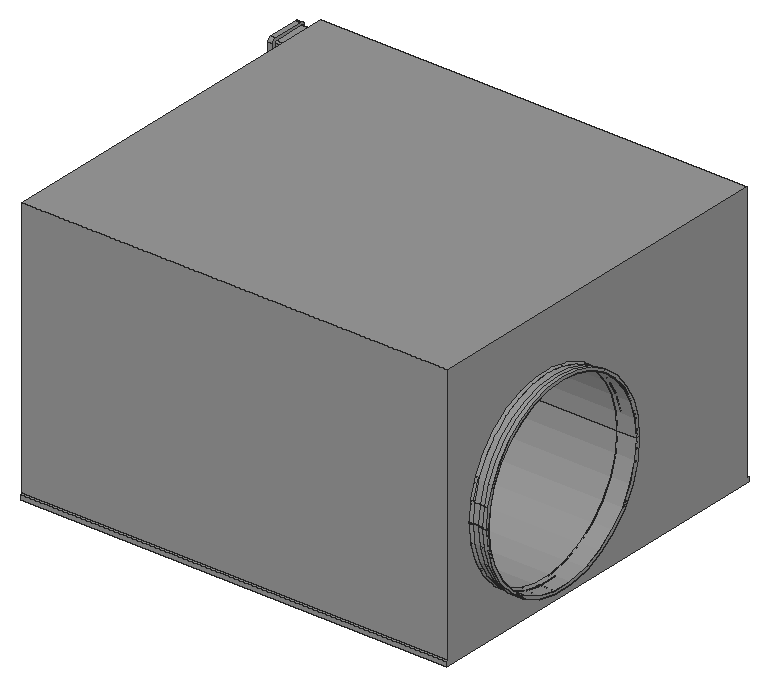
Revit family "IRB 400 B1 EC_7890054", category Mechanical Equipment, Revit 2014
Parameters (values of type "IRB 400 B1 EC")
  Wiring diagram = "4040145"
  Width = 995 mm
  Weight = 60.70 kg
  Voltage range = "200-277 V"
  Voltage = 230 V
  Speed = "1420rpm"
  Sound pressure level at 3 m = "57 dB(A)"
  Power = 646 W
  Phase = 1
  Max. temperature of transported air when speed controlled = 60 °C
  Max. temperature of transported air = 60 °C
  Main Material = Steel, Galvanized
  Height = 808 mm
  Frequency = 50 Hz
  Elevation [instance] = 2600 mm
  Diameter = 400 mm
  Description = "Insulated duct fans with circular connections"
  Depth = 567 mm
  Current = 2.98 A
  Capacitor = "- µF"
Reference planes
  plane 1 "Center (Front/Back)": y = 0
  plane 2: z = 0
  plane 3 "Center (Left/Right)": x = 0
  plane 4: z = 2600
Dimensions and locks
  "Elevation": plane 4 to plane 2
  aligned and locked: level to plane 2
  aligned and locked: plane 3 "Center (Left/Right)" to nested 1
  aligned and locked: plane 1 "Center (Front/Back)" to nested 1
  aligned and locked: nested 1 to nested 2  (x2)
  aligned and locked: nested 1 to plane 4
Nested families
  nested 1: "IRB" at (0, 0, 2600), type "IRB"
  nested 2: "Flow direction symbol" at (0, 0, 0), type "Flow direction symbol"
Connectors
  electrical at (-497.5, 352.5, 3115.5), driven by "Phase", driven by "Voltage", driven by "Power"
    settings: on nested 1, index 1, voltage 230 V, apparent load 0 VA, apparent load phase1 646 VA, apparent load phase2 0 VA, apparent load phase3 0 VA, power factor 1, load classification "Other", number of poles 1, system type 31, power factor state 1, is connector primary yes, connector utility no, sub classification motor no, connector description ""
  hvac at (-497.5, -144.5, 2851.995), driven by "Diameter"
    settings: on nested 1, index 4, duct flow 0.0 L/s, flow factor 0, pres drop 0.0 Pa, loss coef 0, conn angle 0.00°, conn width 304.8 mm, conn height 304.8 mm, conn diameter 400 mm, duct sys type 1, conn prof type 0, flow config 0, flow direction 1, loss method 0, conn ref index -1, conn util no, is conn primary yes, conn desc ""
  hvac at (497.5, -144.5, 2851.995), driven by "Diameter"
    settings: on nested 1, index 5, duct flow 0.0 L/s, flow factor 0, pres drop 0.0 Pa, loss coef 0, conn angle 0.00°, conn width 304.8 mm, conn height 304.8 mm, conn diameter 400 mm, duct sys type 3, conn prof type 0, flow config 0, flow direction 2, loss method 0, conn ref index -1, conn util no, is conn primary no, conn desc ""
Definition of nested family "IRB"
  Parameters (values of type "IRB")
    Width = 995 mm
    Main Material = Steel, Galvanized
    Height = 808 mm
    Description = ""
    Depth = 567 mm
  Reference planes
    plane 1 "Center (Front/Back)": y = 0
    plane 2: z = 0
    plane 3 "Center (Left/Right)": x = 0
    plane 4: z = 567
    plane 5 "Horizontal Pipe Axis": z = 316
    plane 6: z = 10
    plane 7: z = 557
    plane 8: x = -456
    plane 9: x = 456
    plane 10: x = -497.5
    plane 11: x = 497.5
    plane 12: y = 404
    plane 13: y = -404
    plane 14: y = 394
    plane 15: x = -487.5
    plane 16: y = -144
  Forms (mm)
    Extrusion 1, solid, material "Steel, Galvanized" <- "Main Material", detail levels medium+fine
      sketch origin (0, 0, 0) x (0, 1, 0) y (0, 0, 1)
        loop
          line (-404, 0) -> (404, 0) -> (404, 10) -> (399, 10) -> (399, 11) -> (399, 567) -> (-399, 567) -> (-399, 10) -> (-404, 10) -> (-404, 0)
      from -456 to 456
    Extrusion 2, void
      sketch origin (0, 64.5, -65.499) x (0, 1, 0) y (0, 0, 1)
        loop
          circle (-209.5, 316.497) r 199
      from -809.837 to 500.936
    Extrusion 3, solid, material "Steel, Galvanized" <- "Main Material", detail levels coarse
      sketch origin (0, 66, -63.157) x (0, 1, 0) y (0, 0, -1)
        loop
          circle (-208.916, -314.143) r 199
      from 456 to 497.5
    Extrusion 4, solid, material "Steel, Galvanized" <- "Main Material", detail levels coarse
      sketch origin (0, 0, 0) x (0, 1, 0) y (0, 0, 1)
        loop
          line (404, 567) -> (-404, 567) -> (-404, 0) -> (404, 0) -> (404, 567)
      from -456 to 456
    Sweep 5, solid, material "Plastic, Opaque White", detail levels fine
      path origin (0, 0, 0) x (1, 0, 0) y (0, 1, 0)
        loop
          line (-487.5, 394) -> (-497.5, 394)
      profile origin (-492.5, 394, 0) x (0, -1, 0) y (0, 0, 1)
        loop
          arc (8.073, 557) -> (2.365, 554.635) -> (0, 548.927) r 8.073
          line (0, 548.927) -> (0, 482.073)
          arc (0, 482.073) -> (2.365, 476.365) -> (8.073, 474) r 8.073
          line (8.073, 474) -> (74.927, 474)
          arc (74.927, 474) -> (80.635, 476.365) -> (83, 482.073) r 8.073
          line (83, 482.073) -> (83, 548.927)
          arc (83, 548.927) -> (80.635, 554.635) -> (74.927, 557) r 8.073
          line (74.927, 557) -> (8.073, 557)
    Sweep 6, solid, material "Plastic, Opaque White", detail levels fine
      path origin (0, 0, 0) x (1, 0, 0) y (0, 1, 0)
        loop
          line (-487.5, 352.5) -> (-456, 352.5)
      profile origin (-471.75, 352.5, 0) x (0, 1, 0) y (0, 0, 1)
        loop
          line (33.427, 552) -> (-33.427, 552)
          arc (-33.427, 552) -> (-35.6, 551.1) -> (-36.5, 548.927) r 3.073
          line (-36.5, 548.927) -> (-36.5, 482.073)
          arc (-36.5, 482.073) -> (-35.6, 479.9) -> (-33.427, 479) r 3.073
          line (-33.427, 479) -> (33.427, 479)
          arc (33.427, 479) -> (35.6, 479.9) -> (36.5, 482.073) r 3.073
          line (36.5, 482.073) -> (36.5, 548.927)
          arc (36.5, 548.927) -> (35.6, 551.1) -> (33.427, 552) r 3.073
    Extrusion 7, solid, material "Steel, Galvanized" <- "Main Material", detail levels coarse
      sketch origin (0, 66, -63.157) x (0, 1, 0) y (0, 0, 1)
        loop
          circle (-208.916, 314.143) r 199
      from 456 to 497.5
    Extrusion 8, void, detail levels medium+fine
      sketch origin (0, 64.5, -25.499) x (0, 1, 0) y (0, 0, 1)
        loop
          circle (-209.5, 277.499) r 198
      from -809.837 to 500.936
    Extrusion 9, solid, material "Steel, Galvanized" <- "Main Material", detail levels coarse
      sketch origin (0, 66, -23.157) x (0, 1, 0) y (0, 0, -1)
        loop
          circle (-208.916, -277.262) r 198
      from 456 to 497.5
    Revolve 10, solid, material "Steel, Galvanized" <- "Main Material", detail levels medium+fine
      sketch origin (0, 34.5, 252) x (-1, 0, 0) y (0, -1, 0)
        loop
          line (497.5, -25.5) -> (497.5, 178.5) -> (456, 178.5) -> (456, -21.5)
          arc (456, -21.5) -> (460.25, -23.5) -> (464.5, -21.5) r 5.516
          line (464.5, -21.5) -> (479.5, -21.5) -> (479.5, -23.5) -> (489.5, -23.5) -> (489.5, -25.5) -> (497.5, -25.5)
        axis (456, 178.5) -> (497.5, 178.5)
      angle from 0 to 360
    Revolve 11, solid, material "Steel, Galvanized" <- "Main Material", detail levels medium+fine
      sketch origin (0, 0, 252) x (1, 0, 0) y (0, 1, 0)
        loop
          line (497.5, 60) -> (489.5, 60) -> (489.5, 58) -> (479.5, 58) -> (479.5, 56) -> (464.5, 56)
          arc (464.5, 56) -> (460.25, 58) -> (456, 56) r 5.516
          line (456, 56) -> (456, -144) -> (497.5, -144) -> (497.5, 60)
        axis (456, -144) -> (497.5, -144)
      angle from 0 to 360
    Extrusion 12, solid, material "Steel, Galvanized" <- "Main Material", detail levels coarse
      sketch origin (0, 66, -23.157) x (0, 1, 0) y (0, 0, 1)
        loop
          circle (-208.916, 277.262) r 198
      from 456 to 497.5
    Extrusion 13, void
      sketch origin (0, 64.5, -26.502) x (0, 1, 0) y (0, 0, 1)
        loop
          circle (-209.5, 277.499) r 199
      from -809.837 to 500.936
    Revolve 14, solid, material "Steel, Galvanized" <- "Main Material", detail levels medium+fine
      sketch origin (0, 34.5, 250.997) x (-1, 0, 0) y (0, -1, 0)
        loop
          line (497.5, -25.5) -> (497.5, 178.5) -> (456, 178.5) -> (456, -21.5)
          arc (456, -21.5) -> (460.25, -23.5) -> (464.5, -21.5) r 5.516
          line (464.5, -21.5) -> (479.5, -21.5) -> (479.5, -23.5) -> (489.5, -23.5) -> (489.5, -25.5) -> (497.5, -25.5)
        axis (456, 178.5) -> (497.5, 178.5)
      angle from 0 to 360
    Revolve 15, solid, material "Steel, Galvanized" <- "Main Material", detail levels medium+fine
      sketch origin (0, 0, 250.997) x (1, 0, 0) y (0, 1, 0)
        loop
          line (497.5, 60) -> (489.5, 60) -> (489.5, 58) -> (479.5, 58) -> (479.5, 56) -> (464.5, 56)
          arc (464.5, 56) -> (460.25, 58) -> (456, 56) r 5.516
          line (456, 56) -> (456, -144) -> (497.5, -144) -> (497.5, 60)
        axis (456, -144) -> (497.5, -144)
      angle from 0 to 360
    Extrusion 16, void
      sketch origin (0, 64.5, -25.504) x (0, 1, 0) y (0, 0, 1)
        loop
          circle (-209.5, 277.499) r 199
      from -809.837 to 500.936
    Revolve 17, solid, material "Steel, Galvanized" <- "Main Material", detail levels medium+fine
      sketch origin (0, 34.5, 251.995) x (-1, 0, 0) y (0, -1, 0)
        loop
          line (497.5, -25.5) -> (497.5, 178.5) -> (456, 178.5) -> (456, -21.5)
          arc (456, -21.5) -> (460.25, -23.5) -> (464.5, -21.5) r 5.516
          line (464.5, -21.5) -> (479.5, -21.5) -> (479.5, -23.5) -> (489.5, -23.5) -> (489.5, -25.5) -> (497.5, -25.5)
        axis (456, 178.5) -> (497.5, 178.5)
      angle from 0 to 360
    Revolve 18, solid, material "Steel, Galvanized" <- "Main Material", detail levels medium+fine
      sketch origin (0, 0, 251.995) x (1, 0, 0) y (0, 1, 0)
        loop
          line (497.5, 60) -> (489.5, 60) -> (489.5, 58) -> (479.5, 58) -> (479.5, 56) -> (464.5, 56)
          arc (464.5, 56) -> (460.25, 58) -> (456, 56) r 5.516
          line (456, 56) -> (456, -144) -> (497.5, -144) -> (497.5, 60)
        axis (456, -144) -> (497.5, -144)
      angle from 0 to 360
  Cuts and joins
    Extrusion 2 cuts Extrusion 1
    joined: Sweep 5, Sweep 6
    Extrusion 8 cuts Extrusion 4
    Extrusion 8 cuts Revolve 10
    Extrusion 8 cuts Revolve 11
    Extrusion 13 cuts Revolve 14
    Extrusion 13 cuts Revolve 15
    Extrusion 16 cuts Revolve 17
    Extrusion 16 cuts Revolve 18
  Dimensions and locks
    equal spacing: plane 10, plane 3 "Center (Left/Right)", plane 11
    "Width": plane 10 to plane 11
    "Depth": plane 4 to level
    locked: plane 12 to plane 14 at 10
    locked: plane 4 to plane 7 at 10
    locked: plane 10 to plane 15 at 10
    locked: plane 10 to plane 8 at 41.5
    locked: plane 9 to plane 11 at 41.5
    locked: Sweep 6 sketch curve to plane 7 at 5
    locked: plane 14 to Sweep 6 sketch curve at 5
    plane 4 to plane 5 "Horizontal Pipe Axis" = 251 mm
    equal spacing: plane 12, plane 1 "Center (Front/Back)", plane 13
    "Height": plane 12 to plane 13
    aligned and locked: level to plane 2
    aligned and locked: Extrusion 1 sketch curve to plane 13
    aligned and locked: plane 2 to Extrusion 1 sketch curve
    aligned and locked: Extrusion 1 sketch curve to plane 12
    aligned and locked: Extrusion 1 to plane 9
    aligned and locked: Extrusion 1 to plane 8
    aligned and locked: Extrusion 3 to plane 10
    aligned and locked: plane 8 to Extrusion 3
    aligned and locked: Extrusion 3 to plane 8
    aligned and locked: plane 4 to Extrusion 4 sketch curve
    aligned and locked: plane 12 to Extrusion 4 sketch curve
    aligned and locked: Extrusion 4 to plane 8
    aligned and locked: Extrusion 4 to plane 9
    aligned and locked: plane 10 to Sweep 5 sketch curve
    aligned and locked: plane 15 to Sweep 5 sketch curve
    aligned and locked: Sweep 5 sketch curve to plane 7
    aligned and locked: Sweep 5 sketch curve to plane 14
    aligned and locked: plane 8 to Sweep 6 sketch curve
    aligned and locked: plane 15 to Sweep 6 sketch curve
  Automatic sketch dimensions
    Extrusion 1 sketch curve to plane 4 = 0 mm
    Extrusion 1 sketch curve to plane 6 = 0 mm  (x2)
    Extrusion 1 sketch curve to plane 13 = 5 mm
    Extrusion 1 sketch curve to plane 12 = 5 mm
    Extrusion 1 sketch curve to Extrusion 1 sketch curve = 1 mm
    Extrusion 2 sketch curve to plane 16 = 1 mm
    Extrusion 2 sketch curve to plane 5 "Horizontal Pipe Axis" = 65.003 mm
    plane 16 to Extrusion 3 sketch curve = 1.084 mm
    Extrusion 3 sketch curve to plane 5 "Horizontal Pipe Axis" = 65.013 mm
    Extrusion 4 sketch curve to plane 13 = 0 mm
    Extrusion 4 sketch curve to level = 0 mm
    Sweep 5 sketch curve to plane 14 = 0 mm
    Sweep 5 sketch curve to profile plane = 8.073 mm  (x2)
    Sweep 5 sketch curve to Sweep 5 sketch curve = 66.854 mm  (x3)
    Sweep 5 sketch curve to Sweep 5 sketch curve = 8.073 mm
    Sweep 6 sketch curve to plane 14 = 41.5 mm
    Sweep 6 sketch curve to Sweep 6 sketch curve = 3.073 mm  (x3)
    profile plane to Sweep 6 sketch curve = 33.427 mm  (x2)
    Sweep 6 sketch curve to Sweep 6 sketch curve = 66.854 mm
    plane 16 to Extrusion 7 sketch curve = 1.084 mm
    Extrusion 7 sketch curve to plane 5 "Horizontal Pipe Axis" = 65.013 mm
    Extrusion 8 sketch curve to plane 16 = 1 mm
    Extrusion 8 sketch curve to plane 5 "Horizontal Pipe Axis" = 64 mm
    plane 16 to Extrusion 9 sketch curve = 1.084 mm
    Extrusion 9 sketch curve to plane 5 "Horizontal Pipe Axis" = 61.894 mm
    Revolve 10 sketch curve to plane 8 = 0 mm  (x2)
    Revolve 10 sketch curve to plane 10 = 0 mm
    Revolve 10 sketch curve to plane 16 = 0 mm  (x2)
    Revolve 10 sketch curve to plane 8 = 4.25 mm
    Revolve 10 sketch curve to Revolve 10 sketch curve = 4.25 mm
    plane 15 to Revolve 10 sketch curve = 8 mm
    Revolve 10 sketch curve to plane 15 = 2 mm
    Revolve 10 sketch curve to plane 1 "Center (Front/Back)" = 52.485 mm
    Revolve 10 sketch curve to Revolve 10 sketch curve = 3.515 mm
    Revolve 10 sketch curve to Revolve 10 sketch curve = 2 mm  (x2)
    Revolve 10 sketch curve to Revolve 10 sketch curve = 93.5 mm
    Revolve 11 sketch curve to plane 9 = 0 mm  (x2)
    Revolve 11 sketch curve to plane 11 = 0 mm
    Revolve 11 sketch curve to plane 16 = 0 mm  (x2)
    Revolve 11 sketch curve to plane 9 = 4.25 mm
    Revolve 11 sketch curve to Revolve 11 sketch curve = 4.25 mm
    Revolve 11 sketch curve to Revolve 11 sketch curve = 15 mm
    plane 11 to Revolve 11 sketch curve = 8 mm
    Revolve 11 sketch curve to plane 1 "Center (Front/Back)" = 52.485 mm
    Revolve 11 sketch curve to Revolve 11 sketch curve = 3.515 mm
    Revolve 11 sketch curve to Revolve 11 sketch curve = 2 mm  (x2)
    Revolve 11 sketch curve to Revolve 11 sketch curve = 93.5 mm
    plane 16 to Extrusion 12 sketch curve = 1.084 mm
    Extrusion 12 sketch curve to plane 5 "Horizontal Pipe Axis" = 61.894 mm
    Extrusion 13 sketch curve to plane 16 = 1 mm
    Extrusion 13 sketch curve to plane 5 "Horizontal Pipe Axis" = 65.003 mm
    Revolve 14 sketch curve to plane 8 = 0 mm  (x2)
    Revolve 14 sketch curve to plane 10 = 0 mm
    Revolve 14 sketch curve to plane 16 = 0 mm  (x2)
    Revolve 14 sketch curve to plane 8 = 4.25 mm
    Revolve 14 sketch curve to Revolve 14 sketch curve = 4.25 mm
    plane 15 to Revolve 14 sketch curve = 8 mm
    Revolve 14 sketch curve to plane 15 = 2 mm
    Revolve 14 sketch curve to plane 1 "Center (Front/Back)" = 52.485 mm
    Revolve 14 sketch curve to Revolve 14 sketch curve = 3.515 mm
    Revolve 14 sketch curve to Revolve 14 sketch curve = 2 mm  (x2)
    Revolve 14 sketch curve to Revolve 14 sketch curve = 93.5 mm
    Revolve 15 sketch curve to plane 9 = 0 mm  (x2)
    Revolve 15 sketch curve to plane 11 = 0 mm
    Revolve 15 sketch curve to plane 16 = 0 mm  (x2)
    Revolve 15 sketch curve to plane 9 = 4.25 mm
    Revolve 15 sketch curve to Revolve 15 sketch curve = 4.25 mm
    Revolve 15 sketch curve to Revolve 15 sketch curve = 15 mm
    plane 11 to Revolve 15 sketch curve = 8 mm
    Revolve 15 sketch curve to plane 1 "Center (Front/Back)" = 52.485 mm
    Revolve 15 sketch curve to Revolve 15 sketch curve = 3.515 mm
    Revolve 15 sketch curve to Revolve 15 sketch curve = 2 mm  (x2)
    Revolve 15 sketch curve to Revolve 15 sketch curve = 93.5 mm
    Extrusion 16 sketch curve to plane 16 = 1 mm
    Extrusion 16 sketch curve to plane 5 "Horizontal Pipe Axis" = 64.005 mm
    Revolve 17 sketch curve to plane 8 = 0 mm  (x2)
    Revolve 17 sketch curve to plane 10 = 0 mm
    Revolve 17 sketch curve to plane 16 = 0 mm  (x2)
    Revolve 17 sketch curve to plane 8 = 4.25 mm
    Revolve 17 sketch curve to Revolve 17 sketch curve = 4.25 mm
    plane 15 to Revolve 17 sketch curve = 8 mm
    Revolve 17 sketch curve to plane 15 = 2 mm
    Revolve 17 sketch curve to plane 1 "Center (Front/Back)" = 52.485 mm
    Revolve 17 sketch curve to Revolve 17 sketch curve = 3.515 mm
    Revolve 17 sketch curve to Revolve 17 sketch curve = 2 mm  (x2)
    Revolve 17 sketch curve to Revolve 17 sketch curve = 93.5 mm
    Revolve 18 sketch curve to plane 9 = 0 mm  (x2)
    Revolve 18 sketch curve to plane 11 = 0 mm
    Revolve 18 sketch curve to plane 16 = 0 mm  (x2)
    Revolve 18 sketch curve to plane 9 = 4.25 mm
    Revolve 18 sketch curve to Revolve 18 sketch curve = 4.25 mm
    Revolve 18 sketch curve to Revolve 18 sketch curve = 15 mm
    plane 11 to Revolve 18 sketch curve = 8 mm
    Revolve 18 sketch curve to plane 1 "Center (Front/Back)" = 52.485 mm
    Revolve 18 sketch curve to Revolve 18 sketch curve = 3.515 mm
    Revolve 18 sketch curve to Revolve 18 sketch curve = 2 mm  (x2)
    Revolve 18 sketch curve to Revolve 18 sketch curve = 93.5 mm
    radius of Extrusion 2 sketch curve = 199 mm
    radius of Extrusion 3 sketch curve = 199 mm
    radius of Extrusion 7 sketch curve = 199 mm
    radius of Extrusion 8 sketch curve = 198 mm
    radius of Extrusion 9 sketch curve = 198 mm
    radius of Extrusion 12 sketch curve = 198 mm
    radius of Extrusion 13 sketch curve = 199 mm
    radius of Extrusion 16 sketch curve = 199 mm
Definition of nested family "Flow direction symbol"
  Parameters (values of type "Flow direction symbol")
    Warning = "!"
    Text = "DIMENSIONS OVERCONSTRAINT"
  Reference planes
    plane 1: y = 0
    plane 2: x = 0
  Lines and regions (mm)
    detail lines
      curve 1: line (-0.506, 0.877, 0) -> (-0.506, -0.877, 0)
      curve 2: line (1.012, 0, 0) -> (-0.506, -0.877, 0)
      curve 3: line (-0.506, 0.877, 0) -> (1.012, 0, 0)
      curve 4: circle (0, 0, 0) r 1 normal (0, 0, 1)
